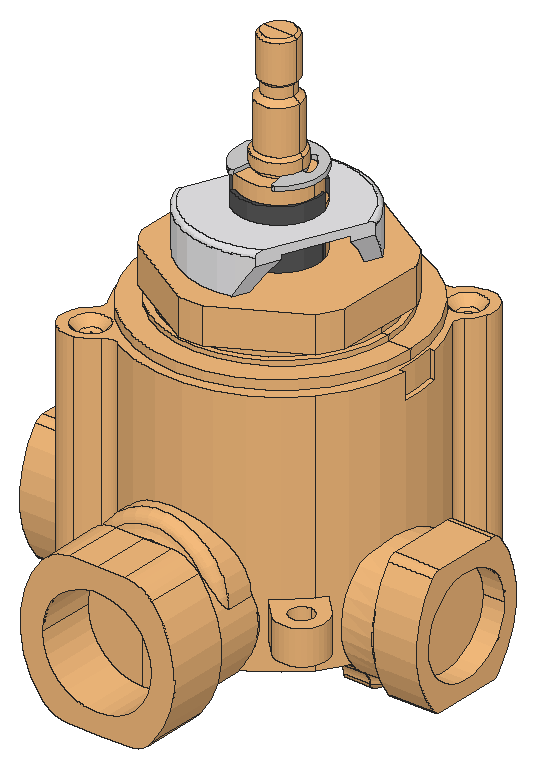
Revit family "Shower-Valves_and_Controls-KALLISTA-Rough_In-P29513", category Plumbing Fixtures, host Face, Revit 2022 (continued)
Definition of nested family "P29513"
  Lines and regions (in)
    symbolic lines, detail levels medium+fine
      curve 139: line (0, -1.21968, 1.32738) -> (0, -1.21968, 0.04644)
      curve 140: arc (0.74421, 1.17758, 0) -> (1.04958, 1.17758, 0) -> (1.04958, 0.8722, 0) r 0.21593
      curve 141: arc (0.71946, 1.15283, 0) -> (0.65133, 1.1191, 0) -> (0.5767, 1.13356, 0) r 0.11883
      curve 142: arc (1.00202, 0.717, 0) -> (0.98856, 0.7811, 0) -> (1.01732, 0.83994, 0) r 0.10082
      curve 143: arc (0.79678, 0.91555, 0) -> (0.79678, 1.12177, 0) -> (1.003, 1.12177, 0) r 0.14582
      curve 144: arc (1.003, 1.12177, 0) -> (1.003, 0.91555, 0) -> (0.79678, 0.91555, 0) r 0.14582
      curve 145: circle (0.90282, 1.02158, 0) r 0.05 normal (0, 0, 1)
      curve 146: arc (-0.79279, -0.95248, 0) -> (-1.04231, -0.93615, 0) -> (-1.09102, -0.69089, 0) r 0.20533
      curve 147: arc (0.5977, -0.88272, 0) -> (1.13118, -0.1666, 0) -> (1.00202, 0.717, 0) r 1.16675
      curve 148: arc (-1.13532, 0.38826, 0) -> (-1.17895, -0.09674, 0) -> (-1.08405, -0.57436, 0) r 1.70948
      curve 149: arc (-0.63177, -0.94073, 0) -> (-0.00977, -1.06565, 0) -> (0.5977, -0.88272, 0) r 1.30596
      curve 150: arc (-1.09102, -0.69089, 0) -> (-1.07576, -0.63333, 0) -> (-1.08405, -0.57436, 0) r 0.1503
      curve 151: arc (-0.63177, -0.94073, 0) -> (-0.71383, -0.92534, 0) -> (-0.79279, -0.95248, 0) r 0.16349
      curve 152: arc (-1.01031, -0.87924, 0) -> (-1.01031, -0.67302, 0) -> (-0.80409, -0.67302, 0) r 0.14582
      curve 153: arc (-0.80409, -0.67302, 0) -> (-0.80409, -0.87924, 0) -> (-1.01031, -0.87924, 0) r 0.14582
      curve 154: circle (-0.90485, -0.77039, 0) r 0.0458 normal (0, 0, 1)
      curve 155: line (0.08979, 0, 2.91287) -> (0.2208, 0, 3.1146)
      curve 156: line (0.33599, 0, 3.17715) -> (0.54641, 0, 3.17715)
      curve 157: line (0.55867, 0, 2.91287) -> (0.5979, 0, 3.11469)
      curve 158: arc (0.2208, 0, 3.1146) -> (0.27046, 0, 3.1605) -> (0.33599, 0, 3.17715) r 0.13735
      curve 159: arc (0.54641, 0, 3.17715) -> (0.58688, 0, 3.15806) -> (0.5979, 0, 3.11469) r 0.05245
      curve 160: line (0.01531, 0, 2.91287) -> (0.19416, 0, 3.18828)
      curve 161: arc (0.19416, 0, 3.18828) -> (0.2555, 0, 3.25044) -> (0.33639, 0, 3.28335) r 0.2168
      curve 162: line (0.62397, 0, 2.91287) -> (-0.65075, 0, 2.91287)
      curve 163: line (0.34486, 0, 3.14129) -> (0.24345, 0, 3.14129)
      curve 164: line (0.34486, 0, 3.14129) -> (0.34486, 0, 3.17715)
      curve 165: line (0.32083, 0, 3.14129) -> (0.34484, 0, 2.91287)
      curve 166: line (-0.1088, 0, 4.59244) -> (-0.13922, 0, 4.56203)
      curve 167: line (-0.13922, 0, 4.56203) -> (-0.13922, 0, 4.23381)
      curve 168: line (-0.13922, 0, 4.23381) -> (-0.11685, 0, 4.21145)
      curve 169: line (-0.08653, 0, 4.59244) -> (-0.1143, 0, 4.56467)
      curve 170: line (-0.1143, 0, 4.56467) -> (-0.1143, 0, 4.23909)
      curve 171: line (-0.1143, 0, 4.23909) -> (-0.09495, 0, 4.21145)
      curve 172: line (-0.06132, 0, 4.59244) -> (-0.0787, 0, 4.56234)
      curve 173: line (-0.0787, 0, 4.56234) -> (-0.0787, 0, 4.24202)
      curve 174: line (-0.0787, 0, 4.24202) -> (-0.05729, 0, 4.21145)
      curve 175: line (-0.0222, 0, 4.59244) -> (-0.04789, 0, 4.56675)
      curve 176: line (-0.04789, 0, 4.56675) -> (-0.04789, 0, 4.23958)
      curve 177: line (-0.04789, 0, 4.23958) -> (-0.01976, 0, 4.21145)
      curve 178: line (0.10942, 0, 4.59244) -> (0.13984, 0, 4.56203)
      curve 179: line (0.13984, 0, 4.56203) -> (0.13984, 0, 4.23381)
      curve 180: line (0.13984, 0, 4.23381) -> (0.11748, 0, 4.21145)
      curve 181: line (0.08715, 0, 4.59244) -> (0.11492, 0, 4.56467)
      curve 182: line (0.11492, 0, 4.56467) -> (0.11492, 0, 4.23909)
      curve 183: line (0.11492, 0, 4.23909) -> (0.09557, 0, 4.21145)
      curve 184: line (0.06194, 0, 4.59244) -> (0.07932, 0, 4.56234)
      curve 185: line (0.07932, 0, 4.56234) -> (0.07932, 0, 4.24202)
      curve 186: line (0.07932, 0, 4.24202) -> (0.05792, 0, 4.21145)
      curve 187: line (0.02282, 0, 4.59244) -> (0.04851, 0, 4.56675)
      curve 188: line (0.04851, 0, 4.56675) -> (0.04851, 0, 4.23958)
      curve 189: line (0.04851, 0, 4.23958) -> (0.02038, 0, 4.21145)
      curve 190: line (-0.15139, 0, 3.70133) -> (-0.16768, 0, 3.67312)
      curve 191: line (-0.16768, 0, 3.67312) -> (-0.16768, 0, 3.58136)
      curve 192: line (-0.11763, 0, 3.70133) -> (-0.14136, 0, 3.6776)
      curve 193: line (-0.14136, 0, 3.6776) -> (-0.14136, 0, 3.58136)
      curve 194: line (-0.08347, 0, 3.70133) -> (-0.10857, 0, 3.67623)
      curve 195: line (-0.10857, 0, 3.67623) -> (-0.10857, 0, 3.58136)
      curve 196: line (-0.03556, 0, 3.70133) -> (-0.06031, 0, 3.67658)
      curve 197: line (-0.06031, 0, 3.67658) -> (-0.06031, 0, 3.58136)
      curve 198: line (0.00031, 0, 3.69952) -> (-0.02184, 0, 3.67737)
      curve 199: line (-0.02184, 0, 3.67737) -> (-0.02184, 0, 3.58136)
      curve 200: line (0.15201, 0, 3.70133) -> (0.1683, 0, 3.67312)
      curve 201: line (0.1683, 0, 3.67312) -> (0.1683, 0, 3.58136)
      curve 202: line (0.11825, 0, 3.70133) -> (0.14198, 0, 3.6776)
      curve 203: line (0.14198, 0, 3.6776) -> (0.14198, 0, 3.58136)
      curve 204: line (0.0841, 0, 3.70133) -> (0.10919, 0, 3.67623)
      curve 205: line (0.10919, 0, 3.67623) -> (0.10919, 0, 3.58136)
      curve 206: line (0.03618, 0, 3.70133) -> (0.06093, 0, 3.67658)
      curve 207: line (0.06093, 0, 3.67658) -> (0.06093, 0, 3.58136)
      curve 208: line (0.00031, 0, 3.69952) -> (0.02246, 0, 3.67737)
      curve 209: line (0.02246, 0, 3.67737) -> (0.02246, 0, 3.58136)
      curve 210: line (-0.12857, 0, 4.21145) -> (0.1292, 0, 4.21145)
      curve 211: line (-0.17736, 0, 3.70133) -> (0.17799, 0, 3.70133)
      curve 212: line (0.20475, 0, 3.58136) -> (-0.20412, 0, 3.58136)
      curve 213: line (-0.14136, 0, 3.58136) -> (-0.14136, 0, 3.54631)
      curve 214: line (-0.17269, 0, 3.54631) -> (-0.14136, 0, 3.54631)
      curve 215: line (0.14198, 0, 3.58136) -> (0.14198, 0, 3.54631)
      curve 216: line (0.17331, 0, 3.54631) -> (0.14198, 0, 3.54631)
      curve 217: line (-0.3657, 0, 3.28335) -> (0.36633, 0, 3.28335)
      curve 218: line (-0.31001, 0, 3.33904) -> (0.31064, 0, 3.33904)
      curve 219: line (0, 1.03743, 2.59093) -> (0, -0.81347, 2.59093)
      curve 220: line (0, 1.12384, 2.45031) -> (0, -0.88963, 2.45031)
      curve 221: line (0, 1.12384, 2.41921) -> (0, -0.89244, 2.41921)
      curve 222: line (0, -0.81347, 2.53077) -> (0, 1.03743, 2.53077)
      curve 223: line (0, 0.7088, 2.91244) -> (0, 0.68114, 3.07943)
      curve 224: line (0, 0.58503, 3.16093) -> (0, 0.11064, 3.16093)
      curve 225: arc (0, -0.02483, 3.19118) -> (0, -0.14346, 3.06719) -> (0, -0.21347, 2.91052) r 0.50268
      curve 226: arc (0, 0.68114, 3.07943) -> (0, 0.64803, 3.13781) -> (0, 0.58503, 3.16093) r 0.09742
      curve 227: line (0, 0.79967, 2.91244) -> (0, 0.78783, 3.08181)
      curve 228: line (0, -0.09655, 2.91244) -> (0, 0.0349, 3.11486)
      curve 229: arc (0, 0.0349, 3.11486) -> (0, 0.06752, 3.14653) -> (0, 0.11064, 3.16093) r 0.10226
      curve 230: arc (0, 0.16675, 3.26493) -> (0, 0.06411, 3.24585) -> (0, -0.02483, 3.19118) r 0.28568
      curve 231: line (0, 0.16675, 3.26493) -> (0, 0.59146, 3.26493)
      curve 232: arc (0, 0.78783, 3.08181) -> (0, 0.72571, 3.21205) -> (0, 0.59146, 3.26493) r 0.19685
      curve 233: line (0, 0.25349, 4.23604) -> (0, 0.25349, 4.55556)
      curve 234: line (0, 0.25349, 4.55556) -> (0, 0.21558, 4.59347)
      curve 235: line (0, 0.25349, 4.23604) -> (0, 0.23008, 4.21262)
      curve 236: line (0, 0.23381, 4.24419) -> (0, 0.23381, 4.5474)
      curve 237: line (0, 0.25349, 4.23604) -> (0, 0.25349, 4.55556)
      curve 238: line (0, 0.23381, 4.24419) -> (0, 0.20224, 4.21262)
      curve 239: line (0, 0.21412, 4.25235) -> (0, 0.21412, 4.53925)
      curve 240: line (0, 0.21412, 4.25235) -> (0, 0.1744, 4.21262)
      curve 241: line (0, 0.19444, 4.2605) -> (0, 0.19444, 4.5311)
      curve 242: line (0, 0.19444, 4.2605) -> (0, 0.14656, 4.21262)
      curve 243: line (0, 0.17475, 4.2605) -> (0, 0.17475, 4.52294)
      curve 244: line (0, 0.11068, 4.59347) -> (0, 0.11068, 4.21262)
      curve 245: line (0, 0.14636, 4.50545) -> (0, 0.14636, 4.2605)
      curve 246: line (0, 0.28247, 3.69827) -> (0, 0.29924, 3.66923)
      curve 247: line (0, 0.29924, 3.66923) -> (0, 0.29924, 3.58641)
      curve 248: line (0, 0.25518, 3.69827) -> (0, 0.28784, 3.66561)
      curve 249: line (0, 0.28784, 3.66561) -> (0, 0.28784, 3.58641)
      curve 250: line (0, 0.23797, 3.69827) -> (0, 0.26368, 3.67256)
      curve 251: line (0, 0.26368, 3.67256) -> (0, 0.26368, 3.58641)
      curve 252: line (0, 0.20386, 3.69827) -> (0, 0.22588, 3.67625)
      curve 253: line (0, 0.22588, 3.67625) -> (0, 0.22588, 3.58641)
      curve 254: line (0, 0.15764, 3.69827) -> (0, 0.19002, 3.67111)
      curve 255: line (0, 0.19002, 3.67111) -> (0, 0.19002, 3.58641)
      curve 256: line (0, 0.11068, 3.70019) -> (0, 0.14141, 3.66945)
      curve 257: line (0, 0.14141, 3.66945) -> (0, 0.14141, 3.58641)
      curve 258: line (0, 0.11068, 3.70019) -> (0, 0.07861, 3.66812)
      curve 259: line (0, 0.07861, 3.66812) -> (0, 0.07861, 3.58641)
      curve 260: line (0, 0.04525, 3.69827) -> (0, 0.06414, 3.66555)
      curve 261: line (0, 0.06414, 3.66555) -> (0, 0.06414, 3.58641)
      curve 262: line (0, 0.04421, 3.69827) -> (0, 0.01451, 3.66857)
      curve 263: line (0, 0.01451, 3.66857) -> (0, 0.01451, 3.58641)
      curve 264: line (0, -0.00192, 3.69827) -> (0, -0.04189, 3.6752)
      curve 265: line (0, -0.04189, 3.6752) -> (0, -0.04189, 3.58641)
      curve 266: line (0, 0.28247, 3.69827) -> (0, -0.06366, 3.69827)
      curve 267: line (0, -0.04975, 3.69827) -> (0, -0.07797, 3.67006)
      curve 268: line (0, -0.07797, 3.67006) -> (0, -0.07797, 3.58641)
      curve 269: line (0, 0.31589, 3.58641) -> (0, -0.09454, 3.58641)
      curve 270: line (0, 0.24024, 4.21262) -> (0, -0.01889, 4.21262)
      curve 271: line (0, -0.01889, 4.1249) -> (0, 0.24024, 4.1249)
      curve 272: line (0, 0.28784, 4.0773) -> (0, -0.06649, 4.0773)
      curve 273: line (0, 0.17475, 4.2605) -> (0, 0.12687, 4.21262)
      curve 274: line (0, 0.14636, 4.2605) -> (0, 0.11068, 4.21262)
      curve 275: line (0, 0.23381, 4.5474) -> (0, 0.18775, 4.59347)
      curve 276: line (0, 0.21412, 4.53925) -> (0, 0.17616, 4.59347)
      curve 277: line (0, 0.19444, 4.5311) -> (0, 0.15843, 4.59347)
      curve 278: line (0, 0.17475, 4.52294) -> (0, 0.13404, 4.59347)
      curve 279: line (0, 0.14636, 4.50545) -> (0, 0.11432, 4.59347)
      curve 280: line (0, -0.03214, 4.23604) -> (0, -0.03214, 4.55556)
      curve 281: line (0, -0.03214, 4.55556) -> (0, 0.00577, 4.59347)
      curve 282: line (0, -0.03214, 4.23604) -> (0, -0.00872, 4.21262)
      curve 283: line (0, -0.01246, 4.24419) -> (0, -0.01246, 4.5474)
      curve 284: line (0, -0.03214, 4.23604) -> (0, -0.03214, 4.55556)
      curve 285: line (0, -0.01246, 4.24419) -> (0, 0.01911, 4.21262)
      curve 286: line (0, 0.00723, 4.25235) -> (0, 0.00723, 4.53925)
      curve 287: line (0, 0.00723, 4.25235) -> (0, 0.04695, 4.21262)
      curve 288: line (0, 0.02691, 4.2605) -> (0, 0.02691, 4.5311)
      curve 289: line (0, 0.02691, 4.2605) -> (0, 0.07479, 4.21262)
      curve 290: line (0, 0.0466, 4.2605) -> (0, 0.0466, 4.52294)
      curve 291: line (0, 0.07499, 4.50545) -> (0, 0.07499, 4.2605)
      curve 292: line (0, 0.0466, 4.2605) -> (0, 0.09448, 4.21262)
      curve 293: line (0, 0.07499, 4.2605) -> (0, 0.11068, 4.21262)
      curve 294: line (0, -0.01246, 4.5474) -> (0, 0.0336, 4.59347)
      curve 295: line (0, 0.00723, 4.53925) -> (0, 0.04519, 4.59347)
      curve 296: line (0, 0.02691, 4.5311) -> (0, 0.06292, 4.59347)
      curve 297: line (0, 0.0466, 4.52294) -> (0, 0.08731, 4.59347)
      curve 298: line (0, 0.07499, 4.50545) -> (0, 0.10703, 4.59347)
      curve 299: line (0, 0.28579, 3.55422) -> (0, -0.06182, 3.55422)
      curve 300: line (0, -0.06182, 3.52277) -> (0, 0.29498, 3.52277)
      curve 301: line (0.1279, 0, 4.1277) -> (-0.12987, 0, 4.1277)
      curve 302: line (-0.17866, 0, 4.07891) -> (0.17669, 0, 4.07891)
    symbolic lines, detail levels coarse
      curve 101: line (0, 0, 1.8713) -> (0, 0, 1.28075)
      curve 102: line (-0.7874, 0, 2.06815) -> (0.7874, 0, 1.67445)
      curve 103: line (-0.7874, 0, 1.67445) -> (0.7874, 0, 2.06815)
      curve 104: line (-0.7874, 0, 2.06815) -> (-0.7874, 0, 1.67445)
      curve 105: line (0.7874, 0, 2.06815) -> (0.7874, 0, 1.67445)
      curve 106: line (0.3937, 0, 1.28075) -> (-0.3937, 0, 1.28075)
      curve 107: arc (-0.3937, 0, 1.28075) -> (0, 0, 0.96652) -> (0.3937, 0, 1.28075) r 0.40375
  Dimensions and locks (in)
    plane 7 to plane 4 = 1.78"
    aligned and locked: plane 2 to level
    aligned and locked: plane 3 "Center (Left/Right)" to Extrusion 16 sketch curve
    aligned and locked: plane 4 to Extrusion 16 sketch curve
    aligned and locked: plane 1 "Center (Front/Back)" to Extrusion 12 sketch curve
    aligned and locked: plane 4 to Extrusion 12 sketch curve
